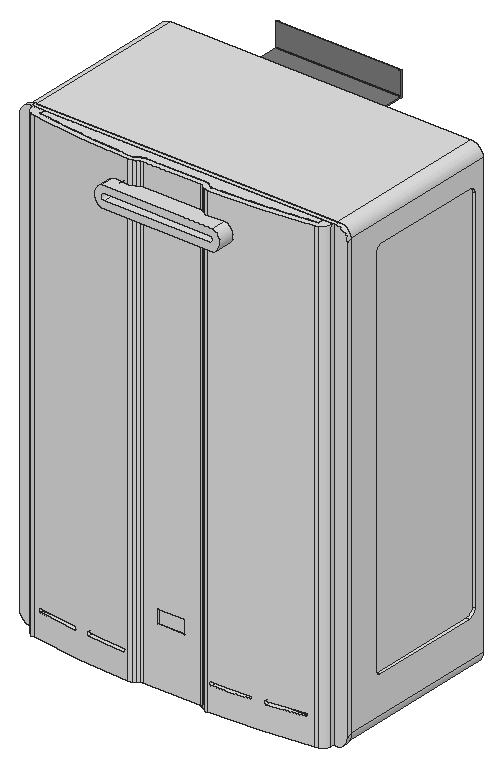
Revit family "HD210E", category Mechanical Equipment, Revit 2017
Family settings
  Round Connector Dimension = Use Diameter
  Part Type = Normal
  Work Plane-Based = No
  Always vertical = Yes
  Cut with Voids When Loaded = No
  Shared = No
  Room Calculation Point = No
Parameters
  Weight [instance] = 29.00 kg
  Mounting [instance] = Internal Only : Internal Only
  Max gas load [instance] = 210000000 J
  Max electric load [instance] = 104 W
  Link [instance] = "https://www.rinnai.com.au/commercial/"
  Hot water connections [instance] = "R 3/4"
  Gas connection [instance] = "R 3/4"
  Flow rate at 25°C rise [instance] = "32l/min"
  Electrical [instance] = "240 / 1 / 50"
  Cold water connection [instance] = "R 3/4"
Reference planes
  plane 1 "Center (Front/Back)": y = 0
  plane 2: z = 0
  plane 3 "Center (Left/Right)": x = 0
Forms (mm)
  Extrusion 1, solid, material "Casing"
    sketch origin (0, 0, 2.187) x (1, 0, 0) y (0, 0, 1)
      loop
        arc (606.297, 670) -> (594.281, 665.023) -> (589.304, 653.007) r 16.993
        line (589.304, 653.007) -> (589.304, 14.806)
        arc (589.304, 14.806) -> (594.281, 2.79) -> (606.297, -2.187) r 16.993
        line (606.297, -2.187) -> (1038.31, -2.187)
        arc (1038.31, -2.187) -> (1050.327, 2.79) -> (1055.304, 14.806) r 16.993
        line (1055.304, 14.806) -> (1055.304, 653.007)
        arc (1055.304, 653.007) -> (1050.327, 665.023) -> (1038.31, 670) r 16.993
        line (1038.31, 670) -> (606.297, 670)
    from 0 to 240
  Extrusion 2, solid, material "Casing"
    sketch origin (0, 0, 0) x (1, 0, 0) y (0, 1, 0)
      loop
        spline (879.229, -267.242) -> (891.231, -266.736) -> (903.229, -266.134) -> (915.222, -265.435) -> (927.208, -264.64) -> (939.188, -263.748) -> (951.161, -262.76) -> (963.125, -261.676) -> (975.08, -260.496) -> (987.025, -259.219) -> (998.959, -257.846) -> (1010.882, -256.378) -> (1022.793, -254.813)
        line (1022.793, -254.813) -> (1022.793, -246.506) -> (621.815, -246.506) -> (621.815, -254.813)
        spline (621.815, -254.813) -> (633.726, -256.378) -> (645.649, -257.846) -> (657.583, -259.219) -> (669.528, -260.496) -> (681.483, -261.676) -> (693.447, -262.76) -> (705.419, -263.748) -> (717.399, -264.64) -> (729.386, -265.435) -> (741.379, -266.134) -> (753.377, -266.736) -> (765.379, -267.242)
        arc (765.379, -267.242) -> (765.936, -267.185) -> (766.456, -266.975) r 2.002
        line (766.456, -266.975) -> (770.346, -264.73) -> (773.401, -262.965)
        spline (773.401, -262.965) -> (774.021, -262.641) -> (774.646, -262.328) -> (775.281, -262.039) -> (775.93, -261.783) -> (776.592, -261.559) -> (777.264, -261.365) -> (777.943, -261.198) -> (778.629, -261.06) -> (779.319, -260.955) -> (780.013, -260.887) -> (780.71, -260.846) -> (781.409, -260.82)
        line (781.409, -260.82) -> (863.199, -260.82)
        spline (863.199, -260.82) -> (863.897, -260.849) -> (864.595, -260.89) -> (865.289, -260.957) -> (865.98, -261.06) -> (866.665, -261.197) -> (867.344, -261.365) -> (868.016, -261.56) -> (868.678, -261.783) -> (869.328, -262.038) -> (869.964, -262.326) -> (870.588, -262.639) -> (871.206, -262.965)
        line (871.206, -262.965) -> (875.096, -265.211) -> (878.152, -266.975)
        arc (878.152, -266.975) -> (878.671, -267.185) -> (879.229, -267.242) r 2.002
    from 0 to 672.187
  Extrusion 3, solid, material "Casing"
    sketch origin (0, 0, 0) x (1, 0, 0) y (0, 0, 1)
      loop
        line (1040.832, 672.187) -> (603.776, 672.187)
        arc (603.776, 672.187) -> (591.76, 667.21) -> (586.782, 655.194) r 16.993
        line (586.782, 655.194) -> (586.782, 16.993)
        arc (586.782, 16.993) -> (591.76, 4.977) -> (603.776, 0) r 16.993
        line (603.776, 0) -> (1040.832, 0)
        arc (1040.832, 0) -> (1052.848, 4.977) -> (1057.826, 16.993) r 16.993
        line (1057.826, 16.993) -> (1057.826, 655.194)
        arc (1057.826, 655.194) -> (1052.848, 667.21) -> (1040.832, 672.187) r 16.993
    from 240 to 246.506
  Extrusion 4, solid, material "Casing"
    sketch origin (0, 0, 0) x (1, 0, 0) y (0, 1, 0)
      loop
        arc (879.229, -267.242) -> (878.671, -267.185) -> (878.152, -266.975) r 2.002
        line (878.152, -266.975) -> (875.096, -265.211) -> (871.206, -262.965)
        spline (871.206, -262.965) -> (870.588, -262.639) -> (869.964, -262.326) -> (869.328, -262.038) -> (868.678, -261.783) -> (868.016, -261.56) -> (867.344, -261.365) -> (866.665, -261.197) -> (865.98, -261.06) -> (865.289, -260.957) -> (864.595, -260.89) -> (863.897, -260.849) -> (863.199, -260.82)
        line (863.199, -260.82) -> (781.409, -260.82)
        spline (781.409, -260.82) -> (780.71, -260.846) -> (780.013, -260.887) -> (779.319, -260.955) -> (778.629, -261.06) -> (777.943, -261.198) -> (777.264, -261.365) -> (776.592, -261.559) -> (775.93, -261.783) -> (775.281, -262.039) -> (774.646, -262.328) -> (774.021, -262.641) -> (773.401, -262.965)
        line (773.401, -262.965) -> (770.346, -264.73) -> (766.456, -266.975)
        arc (766.456, -266.975) -> (765.936, -267.185) -> (765.379, -267.242) r 2.002
        spline (765.379, -267.242) -> (753.377, -266.736) -> (741.379, -266.134) -> (729.386, -265.435) -> (717.399, -264.64) -> (705.419, -263.748) -> (693.447, -262.76) -> (681.483, -261.676) -> (669.528, -260.496) -> (657.583, -259.219) -> (645.649, -257.846) -> (633.726, -256.378) -> (621.815, -254.813)
        line (621.815, -254.813) -> (621.815, -246.506) -> (606.801, -246.506) -> (606.801, -250.416)
        spline (606.801, -250.416) -> (606.891, -251.401) -> (607.151, -252.461) -> (607.563, -253.573) -> (608.111, -254.715) -> (608.78, -255.861) -> (609.551, -256.988) -> (610.41, -258.072) -> (611.339, -259.09) -> (612.323, -260.018) -> (613.343, -260.831) -> (614.385, -261.506) -> (615.432, -262.02)
        line (615.432, -262.02) -> (620.741, -262.748)
        spline (620.741, -262.748) -> (632.715, -264.321) -> (644.702, -265.797) -> (656.7, -267.177) -> (668.709, -268.46) -> (680.728, -269.647) -> (692.757, -270.737) -> (704.793, -271.73) -> (716.837, -272.627) -> (728.888, -273.426) -> (740.945, -274.129) -> (753.007, -274.735) -> (765.074, -275.243)
        arc (765.074, -275.243) -> (767.861, -274.957) -> (770.46, -273.91) r 10.009
        line (770.46, -273.91) -> (773.516, -272.145) -> (777.405, -269.9) -> (781.409, -268.827) -> (863.199, -268.827) -> (867.203, -269.9) -> (870.258, -271.664) -> (874.148, -273.91)
        arc (874.148, -273.91) -> (876.747, -274.957) -> (879.534, -275.243) r 10.009
        spline (879.534, -275.243) -> (891.601, -274.735) -> (903.663, -274.129) -> (915.72, -273.426) -> (927.771, -272.627) -> (939.815, -271.73) -> (951.851, -270.737) -> (963.879, -269.647) -> (975.898, -268.46) -> (987.907, -267.177) -> (999.906, -265.797) -> (1011.893, -264.321) -> (1023.867, -262.748)
        line (1023.867, -262.748) -> (1029.176, -262.02)
        spline (1029.176, -262.02) -> (1030.222, -261.506) -> (1031.264, -260.831) -> (1032.285, -260.018) -> (1033.268, -259.09) -> (1034.198, -258.072) -> (1035.056, -256.988) -> (1035.828, -255.861) -> (1036.497, -254.715) -> (1037.045, -253.573) -> (1037.457, -252.461) -> (1037.717, -251.401) -> (1037.807, -250.416)
        line (1037.807, -250.416) -> (1037.807, -246.506) -> (1022.793, -246.506) -> (1022.793, -254.813)
        spline (1022.793, -254.813) -> (1010.882, -256.378) -> (998.959, -257.846) -> (987.025, -259.219) -> (975.08, -260.496) -> (963.125, -261.676) -> (951.161, -262.76) -> (939.188, -263.748) -> (927.208, -264.64) -> (915.222, -265.435) -> (903.229, -266.134) -> (891.231, -266.736) -> (879.229, -267.242)
    from 0 to 672.187
  Extrusion 5, void
    sketch origin (0, 0, 0) x (1, 0, 0) y (0, 0, 1)
      loop
        line (803.304, 103.671) -> (803.304, 83.671) -> (841.304, 83.671) -> (841.304, 103.671) -> (803.304, 103.671)
    from 267 to 270
  Extrusion 6, solid, material "Default Floor"
    sketch origin (822.304, 0, 103.462) x (0, 1, 0) y (0, 0, 1)
      loop
        line (31.4, 600.6) -> (31.4, 567.8)
        arc (31.4, 567.8) -> (31.166, 567.234) -> (30.6, 567) r 0.8
        line (30.6, 567) -> (1.6, 567)
        arc (1.6, 567) -> (0.469, 566.531) -> (0, 565.4) r 1.6
        line (0, 565.4) -> (0, 547) -> (1.6, 547) -> (1.6, 564.6)
        arc (1.6, 564.6) -> (1.834, 565.166) -> (2.4, 565.4) r 0.8
        line (2.4, 565.4) -> (31.4, 565.4)
        arc (31.4, 565.4) -> (32.531, 565.869) -> (33, 567) r 1.6
        line (33, 567) -> (33, 600.6)
        arc (33, 600.6) -> (32.2, 601.4) -> (31.4, 600.6) r 0.8
      loop
        arc (31.4, -132.062) -> (32.2, -132.862) -> (33, -132.062) r 0.8
        line (33, -132.062) -> (33, -98.462)
        arc (33, -98.462) -> (32.531, -97.33) -> (31.4, -96.862) r 1.6
        line (31.4, -96.862) -> (2.4, -96.862)
        arc (2.4, -96.862) -> (1.834, -96.627) -> (1.6, -96.062) r 0.8
        line (1.6, -96.062) -> (1.6, -78.462) -> (0, -78.462) -> (0, -96.862)
        arc (0, -96.862) -> (0.469, -97.993) -> (1.6, -98.462) r 1.6
        line (1.6, -98.462) -> (30.6, -98.462)
        arc (30.6, -98.462) -> (31.166, -98.696) -> (31.4, -99.262) r 0.8
        line (31.4, -99.262) -> (31.4, -132.062)
    from -89.3 to 90.7
  Sweep 7, solid, material "GAS"
    path origin (1102.638, 0, 15) x (-1, 0, 0) y (0, 0, 1)
      loop
        line (-99.3, -15) -> (-99.3, -75)
    profile origin (1201.938, 0, -30) x (0, -1, 0) y (1, 0, 0)
      loop
        circle (58, -237.3) r 13
  Sweep 8, solid, material "CW"
    path origin (828.549, -25.826, 15) x (-1, 0, 0) y (0, 0, 1)
      loop
        line (-99.3, -15) -> (-99.3, -75)
    profile origin (927.849, -25.826, -30) x (0, -1, 0) y (1, 0, 0)
      loop
        circle (49.174, -114.211) r 13
  Sweep 9, solid, material "HW"
    path origin (825, 1, 10) x (-1, 0, 0) y (0, 0, 1)
      loop
        line (-99.3, -10) -> (-99.3, -70)
    profile origin (924.3, 1, -30) x (0, -1, 0) y (1, 0, 0)
      loop
        circle (143, -230.662) r 13
  Extrusion 10, solid, material "Casing"
    sketch origin (0, -245, 0) x (1, 0, 0) y (0, 0, 1)
      loop
        arc (743.004, 640) -> (733.004, 625) -> (743.004, 610) r 16.25
        line (743.004, 610) -> (903.004, 610)
        arc (903.004, 610) -> (913.004, 625) -> (903.004, 640) r 16.25
        line (903.004, 640) -> (743.004, 640)
      loop
        arc (745.504, 630) -> (743.004, 625) -> (745.504, 620) r 6.25
        line (745.504, 620) -> (900.504, 620)
        arc (900.504, 620) -> (903.004, 625) -> (900.504, 630) r 6.25
        line (900.504, 630) -> (745.504, 630)
    from 1.506 to 50
  Extrusion 11, void
    sketch origin (0, 0, 0) x (1, 0, 0) y (0, 0, 1)
      loop
        line (684.656, 40.559) -> (630.975, 40.559)
        arc (630.975, 40.559) -> (629.115, 38.109) -> (630.975, 35.659) r 2.544
        line (630.975, 35.659) -> (684.656, 35.659)
        arc (684.656, 35.659) -> (686.515, 38.109) -> (684.656, 40.559) r 2.544
    from 260 to 280
  Extrusion 12, void
    sketch origin (74.886, 0, 0) x (1, 0, 0) y (0, 0, 1)
      loop
        line (684.656, 40.559) -> (630.975, 40.559)
        arc (630.975, 40.559) -> (629.115, 38.109) -> (630.975, 35.659) r 2.544
        line (630.975, 35.659) -> (684.656, 35.659)
        arc (684.656, 35.659) -> (686.515, 38.109) -> (684.656, 40.559) r 2.544
    from 260 to 280
  Extrusion 13, void
    sketch origin (1644.608, 0, 0) x (-1, 0, 0) y (0, 0, -1)
      loop
        arc (684.656, -40.559) -> (686.515, -38.109) -> (684.656, -35.659) r 2.544
        line (684.656, -35.659) -> (630.975, -35.659)
        arc (630.975, -35.659) -> (629.115, -38.109) -> (630.975, -40.559) r 2.544
        line (630.975, -40.559) -> (684.656, -40.559)
    from 260 to 280
  Extrusion 14, void
    sketch origin (1569.722, 0, 0) x (-1, 0, 0) y (0, 0, -1)
      loop
        arc (684.656, -40.559) -> (686.515, -38.109) -> (684.656, -35.659) r 2.544
        line (684.656, -35.659) -> (630.975, -35.659)
        arc (630.975, -35.659) -> (629.115, -38.109) -> (630.975, -40.559) r 2.544
        line (630.975, -40.559) -> (684.656, -40.559)
    from 260 to 280
  Extrusion 15, void
    sketch origin (0, 0, 0) x (0, 1, 0) y (0, 0, 1)
      loop
        arc (-192.5, 80) -> (-189.571, 72.929) -> (-182.5, 70) r 10
        line (-182.5, 70) -> (-22.5, 70)
        arc (-22.5, 70) -> (-15.429, 72.929) -> (-12.5, 80) r 10
        line (-12.5, 80) -> (-12.5, 615)
        arc (-12.5, 615) -> (-15.429, 622.071) -> (-22.5, 625) r 10
        line (-22.5, 625) -> (-182.5, 625)
        arc (-182.5, 625) -> (-189.571, 622.071) -> (-192.5, 615) r 10
        line (-192.5, 615) -> (-192.5, 80)
    from 580 to 595
  Extrusion 16, void
    sketch origin (1644.608, 0, 0) x (0, 1, 0) y (0, 0, -1)
      loop
        line (-192.5, -80) -> (-192.5, -615)
        arc (-192.5, -615) -> (-189.571, -622.071) -> (-182.5, -625) r 10
        line (-182.5, -625) -> (-22.5, -625)
        arc (-22.5, -625) -> (-15.429, -622.071) -> (-12.5, -615) r 10
        line (-12.5, -615) -> (-12.5, -80)
        arc (-12.5, -80) -> (-15.429, -72.929) -> (-22.5, -70) r 10
        line (-22.5, -70) -> (-182.5, -70)
        arc (-182.5, -70) -> (-189.571, -72.929) -> (-192.5, -80) r 10
    from 580 to 595
Cuts and joins
  Extrusion 5, Extrusion 11, Extrusion 15, Extrusion 16 cuts Extrusion 1
  Extrusion 5 cuts Extrusion 3
  Extrusion 5, Extrusion 11, Extrusion 12, Extrusion 13, Extrusion 14 cuts Extrusion 4
  Extrusion 5, Extrusion 12, Extrusion 13, Extrusion 14 cuts Extrusion 2
Lines and regions (mm)
  Filled region 1, type "Drawing1.dwg--13", in view "Ref. Level"
    outline origin (0, 0, 0) x (1, 0, 0) y (0, 1, 0)
      loop
        line (2443.126, 537.634) -> (2443.719, 534.078) -> (2444.312, 537.634) -> (2443.126, 537.634)
  Filled region 2, type "Drawing1.dwg--13", in view "Ref. Level"
    outline origin (0, 0, 0) x (1, 0, 0) y (0, 1, 0)
      loop
        line (2443.126, 602.387) -> (2444.312, 602.387) -> (2443.719, 605.943) -> (2443.126, 602.387)
  Filled region 3, type "Drawing1.dwg--13", in view "Ref. Level"
    outline origin (0, 0, 0) x (1, 0, 0) y (0, 1, 0)
      loop
        line (2411.243, 622.004) -> (2412.428, 622.004) -> (2411.835, 625.56) -> (2411.243, 622.004)
  Filled region 4, type "Drawing1.dwg--13", in view "Ref. Level"
    outline origin (0, 0, 0) x (1, 0, 0) y (0, 1, 0)
      loop
        line (2411.243, 537.634) -> (2411.835, 534.078) -> (2412.428, 537.634) -> (2411.243, 537.634)
  Filled region 5, type "Drawing1.dwg--13", in view "Ref. Level"
    outline origin (0, 0, 0) x (1, 0, 0) y (0, 1, 0)
      loop
        line (2388.069, 537.634) -> (2388.661, 534.078) -> (2389.254, 537.634) -> (2388.069, 537.634)
  Filled region 6, type "Drawing1.dwg--13", in view "Ref. Level"
    outline origin (0, 0, 0) x (1, 0, 0) y (0, 1, 0)
      loop
        line (2388.069, 688.164) -> (2389.254, 688.164) -> (2388.661, 691.72) -> (2388.069, 688.164)
  Filled region 7, type "Drawing1.dwg--13", in view "Ref. Level"
    outline origin (0, 0, 0) x (1, 0, 0) y (0, 1, 0)
      loop
        line (2346.525, 537.634) -> (2347.118, 534.078) -> (2347.71, 537.634) -> (2346.525, 537.634)
  Filled region 8, type "Drawing1.dwg--13", in view "Ref. Level"
    outline origin (0, 0, 0) x (1, 0, 0) y (0, 1, 0)
      loop
        line (2346.525, 821.501) -> (2347.71, 821.501) -> (2347.118, 825.057) -> (2346.525, 821.501)
  Filled region 9, type "Drawing1.dwg--13", in view "Ref. Level"
    outline origin (0, 0, 0) x (1, 0, 0) y (0, 1, 0)
      loop
        line (2481.142, 446.981) -> (2477.586, 446.389) -> (2481.142, 445.796) -> (2481.142, 446.981)
  Filled region 10, type "Drawing1.dwg--13", in view "Ref. Level"
    outline origin (0, 0, 0) x (1, 0, 0) y (0, 1, 0)
      loop
        line (2945.053, 446.981) -> (2945.053, 445.796) -> (2948.609, 446.389) -> (2945.053, 446.981)
  Filled region 11, type "Drawing1.dwg--13", in view "Ref. Level"
    outline origin (0, 0, 0) x (1, 0, 0) y (0, 1, 0)
      loop
        line (2716.653, 507.808) -> (2713.097, 507.215) -> (2716.653, 506.622) -> (2716.653, 507.808)
  Filled region 12, type "Drawing1.dwg--13", in view "Ref. Level"
    outline origin (0, 0, 0) x (1, 0, 0) y (0, 1, 0)
      loop
        line (2700.283, 507.808) -> (2700.283, 506.622) -> (2703.839, 507.215) -> (2700.283, 507.808)
  Filled region 13, type "Drawing1.dwg--13", in view "Ref. Level"
    outline origin (0, 0, 0) x (1, 0, 0) y (0, 1, 0)
      loop
        line (2709.541, 484.509) -> (2709.541, 483.324) -> (2713.097, 483.916) -> (2709.541, 484.509)
  Filled region 14, type "Drawing1.dwg--13", in view "Ref. Level"
    outline origin (0, 0, 0) x (1, 0, 0) y (0, 1, 0)
      loop
        line (2587.037, 484.509) -> (2583.481, 483.916) -> (2587.037, 483.324) -> (2587.037, 484.509)
  Filled region 15, type "Drawing1.dwg--13", in view "Ref. Level"
    outline origin (0, 0, 0) x (1, 0, 0) y (0, 1, 0)
      loop
        line (2716.653, 484.509) -> (2713.097, 483.916) -> (2716.653, 483.324) -> (2716.653, 484.509)
  Filled region 16, type "Drawing1.dwg--13", in view "Ref. Level"
    outline origin (0, 0, 0) x (1, 0, 0) y (0, 1, 0)
      loop
        line (2851.869, 484.509) -> (2851.869, 483.324) -> (2855.425, 483.916) -> (2851.869, 484.509)
Text (mm)
  text "359" at (2439.936, 570.01, 0), in view "Ref. Level"
  text "457" at (2408.052, 579.819, 0), in view "Ref. Level"
  text "788" at (2384.878, 612.899, 0), in view "Ref. Level"
  text "1455" at (2343.334, 679.567, 0), in view "Ref. Level"
  text "2355" at (2713.097, 450.172, 0), in view "Ref. Level"
  text "46" at (2661.992, 510.998, 0), in view "Ref. Level"
  text "648" at (2648.289, 487.7, 0), in view "Ref. Level"
  text "712" at (2784.261, 487.7, 0), in view "Ref. Level"
Dimensions and locks
  aligned and locked: level to plane 2
